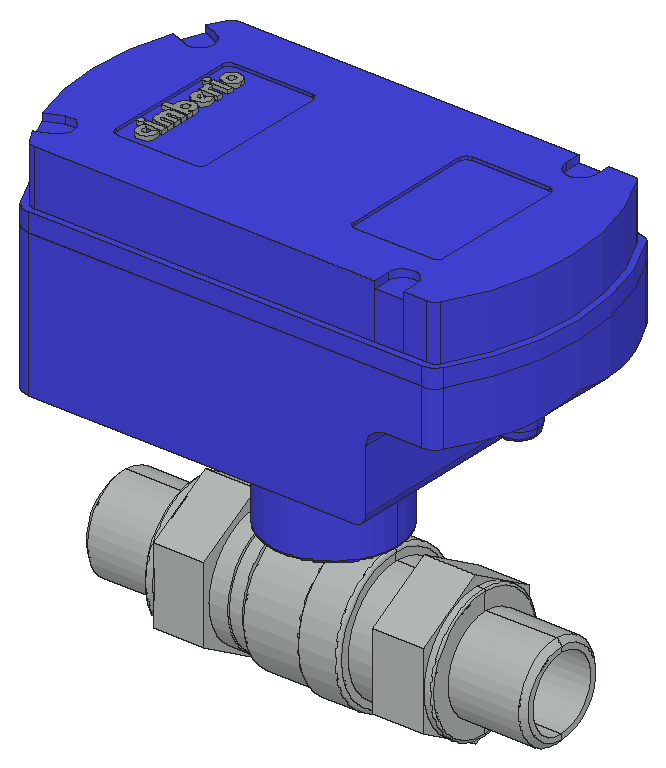
Revit family "QD29490000", category Apparecchi idraulici, Revit 2020
Family settings
  Quota connettore circolare = Usa diametro
  Tipo di parte = Normale
  Numero OmniClass = 23.45.00.00
  Titolo OmniClass = Sanitary, Laundry, and Cleaning Equipment
  Basato su piano di lavoro = No
  Sempre verticale = Sì
  Taglio con vuoti quando caricato = No
  Condiviso = No
  Punto di calcolo locali = No
Parameters
  URL = "https://web.cimberio.it/index.php/figura/1104?subcategoria_id=74926"
  Temperatura di esercizio = "-20 ÷ 150°C"
  Prospetto di default = 0 mm
  Produttore = "CIMBERIO SPA"
  Pressione nominale = "PN 25"
  Modello = "Cim 600RE24"
  Materiale = "Prodotto in lega di ottone conforme alla norma EN 12165-CW617N-DW"
  Descrizione = "Utilizzato nei più svariati settori dell'impiantistica: impianti di riscaldamento, condizionamento, idrici, igienico-sanitari, aria compressa e in generale con ogni fluido non corrosivo.\r\nParticolarmente indicato come valvola di zona per la regolazione e contabilizzazione di impianti di riscaldamento singoli o a zone, impianti con utilizzazione di energie alternative, impianti con fluidi caldi o freddi e impianti di automazione in genere."
  DN Model [instance] = QD29491020 : QD29491020
  DN [instance] = 20 mm
  Commenti sul tipo = "Realizzato in ottemperanza ai requisiti gestionali della norma EN ISO 9001.\r\nCollaudato al 100% secondo la normativa EN 12266-1"
Reference planes
  plane 1 "Centro (Fronte/Retro)": y = 0
  plane 2: z = 0
  plane 3 "Centro (Sinistra/Destra)": x = 0
Dimensions and locks
  aligned and locked: level to plane 2
Nested families
  nested 1: "QD29491020" at (0, 0, 0), type <- "DN Model", type "QD29491020"
  nested 2: "QD29491020" at (0, 0, 0), type <- "DN Model", type "QD29491020"
  nested 3: "QD29491020" at (0, 0, 0), type <- "DN Model", type "QD29491020"
Connectors
  piping at (60.45, 0, 0), diameter 20, driven by "DN"
    settings: on nested 1, index 1, connector inside diameter 609.6 mm, connector length 0 mm, flow factor 0, pipe flow 0.0 L/s, pressure drop 0.0 Pa, fitting loss kfactor 0, connector angle 0.00°, fixture units 0, engagement length 0 mm, angle of deflection 0.00°, flow configuration 0, flow direction 0, fitting loss method 0, system type 7, joint type 0, gender type 0, connector reference index -1, connector utility 0, adjustable connector no, is connector primary yes, connector description ""
  piping at (-60.45, 0, 0), diameter 20, driven by "DN"
    settings: on nested 1, index 2, connector inside diameter 609.6 mm, connector length 0 mm, flow factor 0, pipe flow 0.0 L/s, pressure drop 0.0 Pa, fitting loss kfactor 0, connector angle 0.00°, fixture units 0, engagement length 0 mm, angle of deflection 0.00°, flow configuration 0, flow direction 0, fitting loss method 0, system type 7, joint type 0, gender type 0, connector reference index -1, connector utility 0, adjustable connector no, is connector primary no, connector description ""
Definition of nested family "QD29491020"
  Parameters (values of type "QD29491020")
    URL = "https://web.cimberio.it/index.php/figura/394?subcategoria_id="
    Temperatura di esercizio = "-10 ÷ 95°C"
    Default Elevation = 0 mm
    Manufacturer = "CIMBERIO SPA"
    Pressione nominale = "PN 16"
    Model = "Cim 32"
    Materiale = "Prodotto in lega di ottone conforme alla norma EN 12165-CW617N-DW"
    Description = "Impiegato nei più svariati settori dell'impiantistica in condutture anti-ritorno per: reti di distribuzione acqua potabile, impianti di riscaldamento, condizionamento, igienico-sanitari e in generale con ogni fluido non corrosivo."
    DN [instance] = 50 mm
    Type Comments = "Realizzato in ottemperanza ai requisiti gestionali della norma EN ISO 9001.\r\nCollaudato al 100% secondo la normativa EN 12266-1"
  Reference planes
    plane 1 "Centro (Fronte/Retro)": y = 0
    plane 2: z = 0
    plane 3 "Centro (Sinistra/Destra)": x = 0
  Forms (mm)
    Revolve 1, solid
      sketch origin (0, 0, 0) x (1, 0, 0) y (0, 0, 1)
        loop
          line (-11.8, -18.5) -> (2.95, -18.5) -> (3.95, -19.5) -> (14.05, -19.5)
          arc (14.05, -19.5) -> (14.757, -19.207) -> (15.05, -18.5) r 1
          line (15.05, -18.5) -> (15.05, -10) -> (-17.928, -10) -> (-17.928, -16.25) -> (-14.05, -16.25) -> (-11.8, -18.5)
        axis (-17.928, 0) -> (15.05, 0)
      angle from 0 to 360
    Revolve 2, solid
      sketch origin (0, 0, 0) x (1, 0, 0) y (0, 0, 1)
        loop
          line (-17.707, 16.575) -> (-23.021, 16.575) -> (-23.021, 10) -> (-17.707, 10) -> (-17.707, 16.575)
        axis (-23.021, 0) -> (-17.707, 0)
      angle from 0 to 360
    Extrusion 3, solid
      sketch origin (0, 0, 0) x (0, 1, 0) y (0, 0, 1)
        loop
          circle (0, 0) r 10
        loop
          line (0, 20.75) -> (-17.97, 10.375) -> (-17.97, -10.375) -> (0, -20.75) -> (17.97, -10.375) -> (17.97, 10.375) -> (0, 20.75)
      from -36.95 to -23.021
    Revolve 4, solid
      sketch origin (12.65, 0, 0) x (1, 0, 0) y (0, 0, 1)
        loop
          arc (-51.601, 18) -> (-51.954, 17.853) -> (-52.1, 17.499) r 0.5
          line (-52.1, 17.499) -> (-52.1, 10) -> (-49.6, 10) -> (-49.6, 18) -> (-51.601, 18)
        axis (-52.1, 0) -> (-49.6, 0)
      angle from 0 to 360
    Revolve 5, solid
      sketch origin (12.65, 0, 0) x (1, 0, 0) y (0, 0, 1)
        loop
          line (-51.6, 12.9) -> (-71.6, 12.9) -> (-73.1, 11.4) -> (-73.1, 10) -> (-51.6, 10) -> (-51.6, 12.9)
        axis (-73.1, 0) -> (-51.6, 0)
      angle from 0 to 360
    Revolve 6, solid
      sketch origin (0, 0, 0) x (1, 0, 0) y (0, 0, 1)
        loop
          line (7.331, 37.805) -> (0, 37.805) -> (0, 13.864) -> (7.331, 13.864) -> (7.331, 37.805)
        axis (0, 37.805) -> (0, 13.864)
      angle from 0 to 360
    Extrusion 7, solid
      sketch origin (0, 0, 0) x (1, 0, 0) y (0, 0, 1)
        loop
          line (-11.431, 34.091) -> (-11.431, 13.864) -> (-6.253, 13.864) -> (-6.253, 34.091) -> (-11.431, 34.091)
      from -0.812 to 0.713
    Revolve 8, solid
      sketch origin (-2.097, 0, -3.5) x (1, 0, 0) y (0, 0, 1)
        loop
          line (0, 51.8) -> (0, 36.671) -> (3.652, 36.671) -> (3.652, 23.3) -> (16.983, 23.3)
          arc (16.983, 23.3) -> (17.427, 23.419) -> (17.69, 23.796) r 0.672
          line (17.69, 23.796) -> (17.955, 46.8) -> (19, 46.8)
          arc (19, 46.8) -> (19.707, 47.093) -> (20, 47.8) r 1
          line (20, 47.8) -> (20, 51.8) -> (0, 51.8)
        axis (0, 51.8) -> (0, 23.3)
      angle from 0 to 360
    Extrusion 9, solid
      sketch origin (-2.097, 0, -3.5) x (1, 0, 0) y (0, 1, 0)
        loop
          arc (-53.687, 37) -> (-56.156, 36.347) -> (-57.982, 34.56) r 5
          arc (-57.982, 34.56) -> (-67.5, 0) -> (-57.982, -34.56) r 67.5
          arc (-57.982, -34.56) -> (-56.156, -36.347) -> (-53.687, -37) r 5
          line (-53.687, -37) -> (53.687, -37)
          arc (53.687, -37) -> (56.156, -36.347) -> (57.982, -34.56) r 5
          arc (57.982, -34.56) -> (67.5, 0) -> (57.982, 34.56) r 67.5
          arc (57.982, 34.56) -> (56.156, 36.347) -> (53.687, 37) r 5
          line (53.687, 37) -> (-53.687, 37)
      from 51.8 to 91.8
    Extrusion 10, solid
      sketch origin (-2.097, 0, 36.5) x (1, 0, 0) y (0, 1, 0)
        loop
          arc (-53.687, 37) -> (-56.156, 36.347) -> (-57.982, 34.56) r 5
          arc (-57.982, 34.56) -> (-67.5, 0) -> (-57.982, -34.56) r 67.5
          arc (-57.982, -34.56) -> (-56.156, -36.347) -> (-53.687, -37) r 5
          line (-53.687, -37) -> (53.687, -37)
          arc (53.687, -37) -> (56.156, -36.347) -> (57.982, -34.56) r 5
          arc (57.982, -34.56) -> (67.5, 0) -> (57.982, 34.56) r 67.5
          arc (57.982, 34.56) -> (56.156, 36.347) -> (53.687, 37) r 5
          line (53.687, 37) -> (-53.687, 37)
      from 51.8 to 56.8
    Extrusion 11, solid
      sketch origin (-2.097, 0, -3.5) x (1, 0, 0) y (0, 1, 0)
        loop
          arc (-53.687, 35) -> (-55.168, 34.608) -> (-56.264, 33.536) r 3
          arc (-56.264, 33.536) -> (-57.395, 31.561) -> (-58.457, 29.547) r 65.5
          arc (-58.457, 29.547) -> (-60.152, 25.922) -> (-61.623, 22.2) r 65.5
          arc (-61.623, 22.2) -> (-65.5, 0) -> (-61.623, -22.2) r 65.5
          arc (-61.623, -22.2) -> (-60.152, -25.922) -> (-58.457, -29.547) r 65.5
          arc (-58.457, -29.547) -> (-57.395, -31.561) -> (-56.264, -33.536) r 65.5
          arc (-56.264, -33.536) -> (-55.168, -34.608) -> (-53.687, -35) r 3
          line (-53.687, -35) -> (39.293, -35) -> (47.293, -35) -> (53.687, -35)
          arc (53.687, -35) -> (55.168, -34.608) -> (56.264, -33.536) r 3
          arc (56.264, -33.536) -> (65.5, 0) -> (56.264, 33.536) r 65.5
          arc (56.264, 33.536) -> (55.168, 34.608) -> (53.687, 35) r 3
          line (53.687, 35) -> (47.293, 35) -> (39.293, 35) -> (-53.687, 35)
      from 96.8 to 111.8
    Extrusion 12, void
      sketch origin (-2.097, 0, -3.5) x (1, 0, 0) y (0, 1, 0)
        loop
          arc (-57.295, 20.329) -> (-52.036, 22.412) -> (-54.12, 27.671) r 4
          line (-54.12, 27.671) -> (-59.289, 29.907) -> (-62.465, 22.564) -> (-57.295, 20.329)
        loop
          arc (-54.12, -27.671) -> (-52.036, -22.412) -> (-57.295, -20.329) r 4
          line (-57.295, -20.329) -> (-62.083, -22.399) -> (-58.908, -29.742) -> (-54.12, -27.671)
        loop
          arc (39.293, 30.5) -> (43.293, 26.5) -> (47.293, 30.5) r 4
          line (47.293, 30.5) -> (47.293, 35.946) -> (39.293, 35.946) -> (39.293, 30.5)
        loop
          line (39.293, -30.43) -> (39.293, -35) -> (47.293, -35) -> (47.293, -30.5)
          arc (47.293, -30.5) -> (43.293, -26.5) -> (39.293, -30.5) r 4
      from 109.8 to 117.274
    Extrusion 13, void
      sketch origin (-2.097, 0, -3.5) x (1, 0, 0) y (0, 1, 0)
        loop
          line (-21.999, 20) -> (-43.001, 20)
          arc (-43.001, 20) -> (-44.415, 19.414) -> (-45, 18) r 2
          line (-45, 18) -> (-45, -18)
          arc (-45, -18) -> (-44.414, -19.415) -> (-42.999, -20) r 2
          line (-42.999, -20) -> (-21.999, -20)
          arc (-21.999, -20) -> (-20.585, -19.414) -> (-20, -18) r 2
          line (-20, -18) -> (-20, 18)
          arc (-20, 18) -> (-20.585, 19.414) -> (-21.999, 20) r 2
        loop
          arc (22.001, 20) -> (20.586, 19.415) -> (20, 18) r 2
          line (20, 18) -> (20, -18)
          arc (20, -18) -> (20.586, -19.415) -> (22.001, -20) r 2
          line (22.001, -20) -> (43.001, -20)
          arc (43.001, -20) -> (44.415, -19.414) -> (45, -18) r 2
          line (45, -18) -> (45, 18)
          arc (45, 18) -> (44.415, 19.414) -> (43.001, 20) r 2
          line (43.001, 20) -> (22.001, 20)
      from 111.039 to 121
    Extrusion 14, solid
      sketch origin (-2.097, 0, 107.539) x (1, 0, 0) y (0, 1, 0)
        loop
          arc (-41.222, -13.089) -> (-39.283, -17.248) -> (-37.344, -13.089) r 2.531
          line (-37.344, -13.089) -> (-38.507, -14.066)
          arc (-38.507, -14.066) -> (-39.283, -15.729) -> (-40.058, -14.066) r 1.013
          line (-40.058, -14.066) -> (-41.222, -13.089)
        loop
          line (-36.751, -12.583) -> (-36.751, -11.064) -> (-41.814, -11.064) -> (-41.814, -12.583) -> (-36.751, -12.583)
        loop
          circle (-43.08, -11.824) r 0.861
        loop
          line (-36.751, -9.039) -> (-39.89, -9.039)
          arc (-39.89, -9.039) -> (-40.295, -8.634) -> (-39.89, -8.229) r 0.405
          line (-39.89, -8.229) -> (-36.751, -8.229) -> (-36.751, -6.711) -> (-39.89, -6.711)
          arc (-39.89, -6.711) -> (-40.295, -6.306) -> (-39.89, -5.901) r 0.405
          line (-39.89, -5.901) -> (-36.751, -5.901) -> (-36.751, -4.382) -> (-39.89, -4.382)
          arc (-39.89, -4.382) -> (-41.614, -5.451) -> (-41.422, -7.47) r 1.924
          arc (-41.422, -7.47) -> (-41.614, -9.489) -> (-39.89, -10.558) r 1.924
          line (-39.89, -10.558) -> (-36.751, -10.558) -> (-36.751, -9.039)
        loop
          line (-43.839, -3.876) -> (-36.751, -3.876) -> (-36.751, -2.357) -> (-37.544, -2.357) -> (-36.841, -2.013)
          arc (-36.841, -2.013) -> (-39.465, 1.18) -> (-41.603, -2.357) r 2.531
          line (-41.603, -2.357) -> (-43.839, -2.357) -> (-43.839, -3.876)
        loop
          circle (-39.283, -1.344) r 1.012
        loop
          arc (-41.013, 6.072) -> (-39.435, 1.698) -> (-37.344, 5.851) r 2.531
          line (-37.344, 5.851) -> (-38.507, 4.875)
          arc (-38.507, 4.875) -> (-38.282, 4.378) -> (-38.348, 3.836) r 1.013
          line (-38.348, 3.836) -> (-41.013, 6.072)
        loop
          line (-38.738, 3.371) -> (-40.218, 4.612)
          arc (-40.218, 4.612) -> (-39.934, 3.449) -> (-38.738, 3.371) r 1.013
        loop
          line (-36.751, 6.358) -> (-36.751, 7.876) -> (-40.426, 7.876)
          arc (-40.426, 7.876) -> (-41.131, 9.395) -> (-41.814, 7.867) r 0.92
          line (-41.814, 7.867) -> (-41.814, 6.358) -> (-36.751, 6.358)
        loop
          line (-36.751, 9.901) -> (-36.751, 11.42) -> (-41.814, 11.42) -> (-41.814, 9.901) -> (-36.751, 9.901)
        loop
          circle (-43.08, 10.661) r 0.861
        loop
          circle (-39.283, 14.458) r 2.531
        loop
          circle (-39.283, 14.458) r 1.012
      from 0 to 1
    Revolve 15, solid
      sketch origin (0, 0, 0) x (-1, 0, 0) y (0, 0, 1)
        loop
          line (-15.067, 16.575) -> (-23.021, 16.575) -> (-23.021, 10) -> (-15.067, 10) -> (-15.067, 16.575)
        axis (-23.021, 0) -> (-15.067, 0)
      angle from 0 to 360
    Extrusion 16, solid
      sketch origin (0, 0, 0) x (0, 1, 0) y (0, 0, -1)
        loop
          circle (0, 0) r 10
        loop
          line (0, -20.75) -> (17.97, -10.375) -> (17.97, 10.375) -> (0, 20.75) -> (-17.97, 10.375) -> (-17.97, -10.375) -> (0, -20.75)
      from -36.95 to -23.021
    Revolve 17, solid
      sketch origin (-12.65, 0, 0) x (-1, 0, 0) y (0, 0, -1)
        loop
          line (-51.601, -18) -> (-49.6, -18) -> (-49.6, -10) -> (-52.1, -10) -> (-52.1, -17.499)
          arc (-52.1, -17.499) -> (-51.954, -17.853) -> (-51.601, -18) r 0.5
        axis (-52.1, 0) -> (-49.6, 0)
      angle from 0 to 360
    Revolve 18, solid
      sketch origin (-12.65, 0, 0) x (-1, 0, 0) y (0, 0, -1)
        loop
          line (-51.6, -12.9) -> (-51.6, -10) -> (-73.1, -10) -> (-73.1, -11.4) -> (-71.6, -12.9) -> (-51.6, -12.9)
        axis (-73.1, 0) -> (-51.6, 0)
      angle from 0 to 360
    Extrusion 19, void
      sketch origin (51.589, -37, -3.5) x (1, 0, 0) y (0, 0, -1)
        loop
          arc (10.861, -76.8) -> (12.982, -77.679) -> (13.861, -79.8) r 3
          line (13.861, -79.8) -> (18.861, -79.8) -> (18.861, -47.437) -> (-18.139, -47.437) -> (-18.139, -51.8)
          arc (-18.139, -51.8) -> (-16.018, -52.679) -> (-15.139, -54.8) r 3
          line (-15.139, -54.8) -> (-15.139, -71.8)
          arc (-15.139, -71.8) -> (-13.673, -75.338) -> (-10.133, -76.8) r 5
          line (-10.133, -76.8) -> (10.861, -76.8)
      from -27.232 to 98.451
    Revolve 20, solid
      sketch origin (51.589, 0, -3.5) x (-1, 0, 0) y (0, 0, -1)
        loop
          line (-2.306, -66.221) -> (-2.861, -76.8) -> (3.139, -76.8) -> (3.139, -63.8) -> (-1.381, -63.8)
          arc (-1.381, -63.8) -> (-1.763, -63.939) -> (-1.966, -64.291) r 0.594
          line (-1.966, -64.291) -> (-2.306, -66.221)
        axis (3.139, -63.8) -> (3.139, -76.8)
      angle from 0 to 360
  Cuts and joins
    Extrusion 12, Extrusion 19 cuts Extrusion 9
    Extrusion 12 cuts Extrusion 10
    Extrusion 12, Extrusion 13 cuts Extrusion 11
  Dimensions and locks
    aligned and locked: level to plane 2
